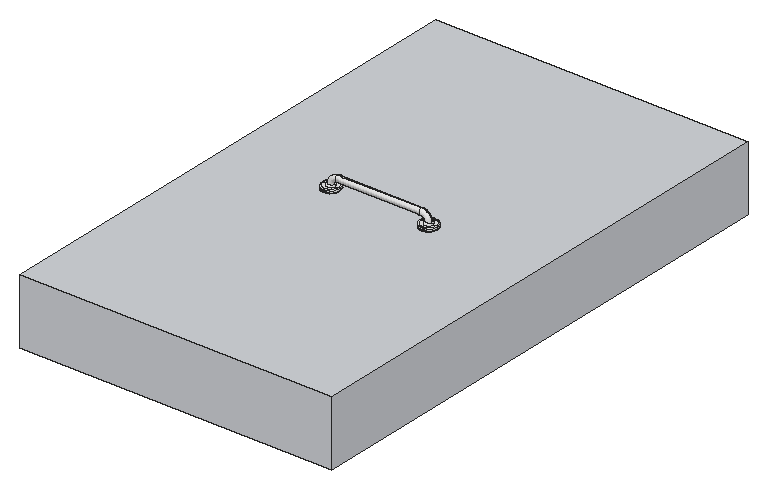
Revit family
Parameters (values of type "B-580616 x 18")
  Warranty Information = "1 Year Limited Warranty"
  URL = "http://www.bobrick.com/"
  Type Comments = ""
  Specification = "Vinyl-Coated Grab Bar shall be corrosion resistant, zinc coated steel pipe with vinyl antibacterial, biocompatible, and warm-to-the touch coating. Grab Bar shall have 1/8\" (3mm) wall thickness, 1/8\" (3mm) extruded plastic finish coating thickness, and 1-5/16\" (33mm) outside diameter. Clearance between the grab bar and wall shall be 1-1/2\" (38mm). Concealed Mounting Flanges shall be fiberglass reinforced nylon plate and equipped with four screw holes for attachment to wall. Flange covers shall be fiberglass reinforced nylon with glossy finish, 3-1/4\" (83mm) diameter, and shall snap over Mounting Flanges to conceal mounting screws. Ends of grab bar shall pass through Concealed Mounting Flanges. Grab Bar shall comply with accessible design (including ADAAG in the U.S.A.) for structural strength. Vinyl-Coated Grab Bar with Snap Flange shall be Model B-580616 of Bobrick Washroom Equipment, Inc., Clifton Park, New York; Jackson, Tennessee; and Los Angeles, California; Bobrick Washroom Equipment Company, Scarborough, Ontario; Bobrick Washroom Equipment Pty. Ltd., Australia; and Bobrick Washroom Equipment Limited, United Kingdom."
  Price = "Prices may vary. Please consult Manufacturer Representative for most up-to-date price list."  # constant formula
  Phone Number = "416-250-5656"  # constant formula
  Omniclass Table 23 Title = "Bath Grab Bars"  # constant formula
  Omniclass Table 23 Code = "23.40.20.21.47"  # constant formula
  Model = "B-580616 x 18"
  Material = Zinc Plated-Bobrick-Steel-White Vinyl-glossy
  Manufacturer = "Bobrick"
  Length = 18"
  Installation Type = "Wall Mounted"
  Description = "1-5/16\" (33mm) diameter Vinyl-Coated Grab Bar with Snap Flange."
  Default Elevation = 0"
  Creation Date = "06/05/2015"  # constant formula
  Created By = "Allied Technical Services"  # constant formula
  Assembly Code = "E1090900"
  ATS URL = "http://www.atsspec.net"
Types (5): name | Specification | Model | Length
  (no name) | "Vinyl-Coated Grab Bar shall be corrosion resistant, zinc coated steel pipe with vinyl antibacterial, biocompatible, and warm-to-the touch coating. Grab Bar shall have 1/8\" (3mm) wall thickness, 1/8\" (3mm) extruded plastic finish coating thickness, and 1-5/16\" (33mm) outside diameter. Clearance between the grab bar and wall shall be 1-1/2\" (38mm). Concealed Mounting Flanges shall be fiberglass reinforced nylon plate and equipped with four screw holes for attachment to wall. Flange covers shall be fiberglass reinforced nylon with glossy finish, 3-1/4\" (83mm) diameter, and shall snap over Mounting Flanges to conceal mounting screws. Ends of grab bar shall pass through Concealed Mounting Flanges. Grab Bar shall comply with accessible design (including ADAAG in the U.S.A.) for structural strength. Vinyl-Coated Grab Bar with Snap Flange shall be Model B-580616 of Bobrick Washroom Equipment, Inc., Clifton Park, New York; Jackson, Tennessee; and Los Angeles, California; Bobrick Washroom Equipment Company, Scarborough, Ontario; Bobrick Washroom Equipment Pty. Ltd., Australia; and Bobrick Washroom Equipment Limited, United Kingdom." | "B-580616 x 18" | 18"
  B-580616 x 18 | "Vinyl-Coated Grab Bar shall be corrosion resistant, zinc coated steel pipe with vinyl antibacterial, biocompatible, and warm-to-the touch coating. Grab Bar shall have 1/8\" (3mm) wall thickness, 1/8\" (3mm) extruded plastic finish coating thickness, and 1-5/16\" (33mm) outside diameter. Clearance between the grab bar and wall shall be 1-1/2\" (38mm). Concealed Mounting Flanges shall be fiberglass reinforced nylon plate and equipped with four screw holes for attachment to wall. Flange covers shall be fiberglass reinforced nylon with glossy finish, 3-1/4\" (83mm) diameter, and shall snap over Mounting Flanges to conceal mounting screws. Ends of grab bar shall pass through Concealed Mounting Flanges. Grab Bar shall comply with accessible design (including ADAAG in the U.S.A.) for structural strength. Vinyl-Coated Grab Bar with Snap Flange shall be Model B-580616 of Bobrick Washroom Equipment, Inc., Clifton Park, New York; Jackson, Tennessee; and Los Angeles, California; Bobrick Washroom Equipment Company, Scarborough, Ontario; Bobrick Washroom Equipment Pty. Ltd., Australia; and Bobrick Washroom Equipment Limited, United Kingdom." | "B-580616 x 18" | 18"
  B-580616 x 24 | "Vinyl-Coated Grab Bar shall be corrosion resistant, zinc coated steel pipe with vinyl antibacterial, biocompatible, and warm-to-the touch coating. Grab Bar shall have 1/8\" (3mm) wall thickness, 1/8\" (3mm) extruded plastic finish coating thickness, and 1-5/16\" (33mm) outside diameter. Clearance between the grab bar and wall shall be 1-1/2\" (38mm). Concealed Mounting Flanges shall be fiberglass reinforced nylon plate and equipped with four screw holes for attachment to wall. Flange covers shall be fiberglass reinforced nylon with glossy finish, 3-1/4\" (83mm) diameter, and shall snap over Mounting Flanges to conceal mounting screws. Ends of grab bar shall pass through Concealed Mounting Flanges. Grab Bar shall comply with accessible design (including ADAAG in the U.S.A.) for structural strength. Vinyl-Coated Grab Bar with Snap Flange shall be Model B-580616 of Bobrick Washroom Equipment, Inc., Clifton Park, New York; Jackson, Tennessee; and Los Angeles, California; Bobrick Washroom Equipment Company, Scarborough" | "B-580616 x 24" | 24"
  B-580616 x 36 | "Vinyl-Coated Grab Bar shall be corrosion resistant, zinc coated steel pipe with vinyl antibacterial, biocompatible, and warm-to-the touch coating. Grab Bar shall have 1/8\" (3mm) wall thickness, 1/8\" (3mm) extruded plastic finish coating thickness, and 1-5/16\" (33mm) outside diameter. Clearance between the grab bar and wall shall be 1-1/2\" (38mm). Concealed Mounting Flanges shall be fiberglass reinforced nylon plate and equipped with four screw holes for attachment to wall. Flange covers shall be fiberglass reinforced nylon with glossy finish, 3-1/4\" (83mm) diameter, and shall snap over Mounting Flanges to conceal mounting screws. Ends of grab bar shall pass through Concealed Mounting Flanges. Grab Bar shall comply with accessible design (including ADAAG in the U.S.A.) for structural strength. Vinyl-Coated Grab Bar with Snap Flange shall be Model B-580616 of Bobrick Washroom Equipment, Inc., Clifton Park, New York; Jackson, Tennessee; and Los Angeles, California; Bobrick Washroom Equipment Company, Scarborough" | "B-580616 x 36" | 36"
  B-580616 x 42 | "Vinyl-Coated Grab Bar shall be corrosion resistant, zinc coated steel pipe with vinyl antibacterial, biocompatible, and warm-to-the touch coating. Grab Bar shall have 1/8\" (3mm) wall thickness, 1/8\" (3mm) extruded plastic finish coating thickness, and 1-5/16\" (33mm) outside diameter. Clearance between the grab bar and wall shall be 1-1/2\" (38mm). Concealed Mounting Flanges shall be fiberglass reinforced nylon plate and equipped with four screw holes for attachment to wall. Flange covers shall be fiberglass reinforced nylon with glossy finish, 3-1/4\" (83mm) diameter, and shall snap over Mounting Flanges to conceal mounting screws. Ends of grab bar shall pass through Concealed Mounting Flanges. Grab Bar shall comply with accessible design (including ADAAG in the U.S.A.) for structural strength. Vinyl-Coated Grab Bar with Snap Flange shall be Model B-580616 of Bobrick Washroom Equipment, Inc., Clifton Park, New York; Jackson, Tennessee; and Los Angeles, California; Bobrick Washroom Equipment Company, Scarboroughom Equipment Limited, United Kingdom." | "B-580616 x 42" | 42"
Reference planes (in)
  plane 1 "Center (Front/Back)": y = 0
  plane 2: z = 0.00028
  plane 3 "Center (Left/Right)": x = 0
  plane 4: x = -9
  plane 5: x = 9
  plane 6: x = -7.375
  plane 7: x = 7.375
  plane 8: z = 2
Forms (in)
  Extrusion 1, solid
    sketch origin (0, 0, 0) x (1, 0, 0) y (0, 1, 0)
      loop
        line (-28, 48) -> (-28, -48) -> (29.46328, -48) -> (29.46328, 48) -> (-28, 48)
    from 0.00028 to -12
  Sweep 2, solid, material "Zinc Plated-Bobrick-Steel-White Vinyl-glossy" <- "Material"
    path origin (19.73583, 0, 3.35329) x (0, 0, 1) y (1, 0, 0)
      loop
        line (-2.85329, -10.73583) -> (-2.60329, -10.73583)
        arc (-2.60329, -10.73583) -> (-1.71941, -11.10195) -> (-1.35329, -11.98583) r 1.25
        line (-1.35329, -11.98583) -> (-1.35329, -27.48583)
        arc (-1.35329, -27.48583) -> (-1.71941, -28.36972) -> (-2.60329, -28.73583) r 1.25
        line (-2.60329, -28.73583) -> (-2.85329, -28.73583)
    profile origin (0, 0, 2) x (0, 0, 1) y (0, 1, 0)
      loop
        circle (0, 0) r 0.5
  Revolve 3, solid, material "Zinc Plated-Bobrick-Steel-White Vinyl-glossy" <- "Material"
    sketch origin (-9, 0, 0) x (1, 0, 0) y (0, 0, 1)
      loop
        line (1.46875, 0) -> (1.625, 0) -> (1.625, 0.03125)
        arc (1.625, 0.03125) -> (1.62064, 0.04717) -> (1.60878, 0.05865) r 0.03125
        arc (1.60878, 0.05865) -> (1.59779, 0.06929) -> (1.59375, 0.08404) r 0.02896
        line (1.59375, 0.08404) -> (1.59375, 0.375)
        arc (1.59375, 0.375) -> (1.55714, 0.46339) -> (1.46875, 0.5) r 0.125
        line (1.46875, 0.5) -> (0.75, 0.5)
        arc (0.75, 0.5) -> (0.67678, 0.67678) -> (0.5, 0.75) r 0.25
        line (0.5, 0.75) -> (0.5, 0.375) -> (1.46875, 0.375) -> (1.46875, 0)
      axis (0, 0.75) -> (0, 0)
    angle from 0 to 360
  Revolve 4, solid, material "Zinc Plated-Bobrick-Steel-White Vinyl-glossy" <- "Material"
    sketch origin (9, 0, 0) x (-1, 0, 0) y (0, 0, 1)
      loop
        line (1.46875, 0) -> (1.625, 0) -> (1.625, 0.03125)
        arc (1.625, 0.03125) -> (1.62064, 0.04717) -> (1.60878, 0.05865) r 0.03125
        arc (1.60878, 0.05865) -> (1.59779, 0.06929) -> (1.59375, 0.08404) r 0.02896
        line (1.59375, 0.08404) -> (1.59375, 0.375)
        arc (1.59375, 0.375) -> (1.55714, 0.46339) -> (1.46875, 0.5) r 0.125
        line (1.46875, 0.5) -> (0.75, 0.5)
        arc (0.75, 0.5) -> (0.67678, 0.67678) -> (0.5, 0.75) r 0.25
        line (0.5, 0.75) -> (0.5, 0.375) -> (1.46875, 0.375) -> (1.46875, 0)
      axis (0, 0.75) -> (0, 0)
    angle from 0 to 360
Cuts and joins
  joined: Sweep 2, Revolve 3, Revolve 4
Lines and regions (in)
  Masking region 1
    outline origin (0, 0, 0) x (1, 0, 0) y (0, 1, 0)
      loop
        line (7.4776, 0.5) -> (-7.45346, 0.5)
        arc (-7.45346, 0.5) -> (-10.60086, 0) -> (-7.45346, -0.5) r 1.61341
        line (-7.45346, -0.5) -> (7.4776, -0.5)
        arc (7.4776, -0.5) -> (10.625, 0) -> (7.4776, 0.5) r 1.61341
  Masking region 2
    outline origin (0, 0, 0) x (0, 1, 0) y (0, 0, 1)
      loop
        line (1.625, 0) -> (1.625, 0.03125)
        arc (1.625, 0.03125) -> (1.62062, 0.04721) -> (1.60871, 0.05869) r 0.03125
        arc (1.60871, 0.05869) -> (1.59777, 0.06923) -> (1.59375, 0.08387) r 0.02868
        line (1.59375, 0.08387) -> (1.59375, 0.375)
        arc (1.59375, 0.375) -> (1.55714, 0.46339) -> (1.46875, 0.5) r 0.125
        line (1.46875, 0.5) -> (0.75, 0.5)
        arc (0.75, 0.5) -> (0.67678, 0.67678) -> (0.5, 0.75) r 0.25
        line (0.5, 0.75) -> (0.5, 2)
        arc (0.5, 2) -> (0, 2.5) -> (-0.5, 2) r 0.5
        line (-0.5, 2) -> (-0.5, 0.75)
        arc (-0.5, 0.75) -> (-0.67678, 0.67678) -> (-0.75, 0.5) r 0.25
        line (-0.75, 0.5) -> (-1.46875, 0.5)
        arc (-1.46875, 0.5) -> (-1.55714, 0.46339) -> (-1.59375, 0.375) r 0.125
        line (-1.59375, 0.375) -> (-1.59375, 0.08387)
        arc (-1.59375, 0.08387) -> (-1.59777, 0.06923) -> (-1.60871, 0.05869) r 0.02868
        arc (-1.60871, 0.05869) -> (-1.62062, 0.04721) -> (-1.625, 0.03125) r 0.03125
        line (-1.625, 0.03125) -> (-1.625, 0) -> (1.625, 0)
  Masking region 3
    outline origin (0, 0, 0) x (1, 0, 0) y (0, 0, 1)
      loop
        line (10.625, 0) -> (10.625, 0.03125)
        arc (10.625, 0.03125) -> (10.62062, 0.04721) -> (10.60871, 0.05869) r 0.03125
        arc (10.60871, 0.05869) -> (10.59777, 0.06923) -> (10.59375, 0.08387) r 0.02868
        line (10.59375, 0.08387) -> (10.59375, 0.375)
        arc (10.59375, 0.375) -> (10.55714, 0.46339) -> (10.46875, 0.5) r 0.125
        line (10.46875, 0.5) -> (9.75, 0.5)
        arc (9.75, 0.5) -> (9.67678, 0.67678) -> (9.5, 0.75) r 0.25
        arc (9.5, 0.75) -> (9.00411, 1.98604) -> (7.77559, 2.50028) r 1.7246
        line (7.77559, 2.50028) -> (-7.77559, 2.50028)
        arc (-7.77559, 2.50028) -> (-9.00411, 1.98604) -> (-9.5, 0.75) r 1.7246
        arc (-9.5, 0.75) -> (-9.67678, 0.67678) -> (-9.75, 0.5) r 0.25
        line (-9.75, 0.5) -> (-10.46875, 0.5)
        arc (-10.46875, 0.5) -> (-10.55714, 0.46339) -> (-10.59375, 0.375) r 0.125
        line (-10.59375, 0.375) -> (-10.59375, 0.08387)
        arc (-10.59375, 0.08387) -> (-10.59777, 0.06923) -> (-10.60871, 0.05869) r 0.02868
        arc (-10.60871, 0.05869) -> (-10.62062, 0.04721) -> (-10.625, 0.03125) r 0.03125
        line (-10.625, 0.03125) -> (-10.625, 0) -> (-7.375, 0) -> (-7.375, 0.03125)
        arc (-7.375, 0.03125) -> (-7.37938, 0.04721) -> (-7.39129, 0.05869) r 0.03125
        arc (-7.39129, 0.05869) -> (-7.40223, 0.06923) -> (-7.40625, 0.08387) r 0.02868
        line (-7.40625, 0.08387) -> (-7.40625, 0.375)
        arc (-7.40625, 0.375) -> (-7.44286, 0.46339) -> (-7.53125, 0.5) r 0.125
        line (-7.53125, 0.5) -> (-8.25, 0.5)
        arc (-8.25, 0.5) -> (-8.32322, 0.67678) -> (-8.5, 0.75) r 0.25
        arc (-8.5, 0.75) -> (-8.28185, 1.28037) -> (-7.7522, 1.50028) r 0.7478
        line (-7.7522, 1.50028) -> (7.7522, 1.50028)
        arc (7.7522, 1.50028) -> (8.28185, 1.28037) -> (8.5, 0.75) r 0.7478
        arc (8.5, 0.75) -> (8.32322, 0.67678) -> (8.25, 0.5) r 0.25
        line (8.25, 0.5) -> (7.53125, 0.5)
        arc (7.53125, 0.5) -> (7.44286, 0.46339) -> (7.40625, 0.375) r 0.125
        line (7.40625, 0.375) -> (7.40625, 0.08387)
        arc (7.40625, 0.08387) -> (7.40223, 0.06923) -> (7.39129, 0.05869) r 0.02868
        arc (7.39129, 0.05869) -> (7.37938, 0.04721) -> (7.375, 0.03125) r 0.03125
        line (7.375, 0.03125) -> (7.375, 0) -> (10.625, 0)
  symbolic lines, detail levels medium+fine
    curve 1: line (7.4776, -0.5, 0) -> (9, -0.5, 0)
    curve 2: line (7.4776, 0.5, 0) -> (9, 0.5, 0)
    curve 3: line (-7.45346, -0.5, 0) -> (-8.98744, -0.5, 0)
    curve 4: arc (-8.98744, 0.5, 0) -> (-9.48744, 0, 0) -> (-8.98744, -0.5, 0) r 0.5
    curve 5: line (-7.45346, 0.5, 0) -> (-8.98744, 0.5, 0)
    curve 6: arc (9, 0.5, 0) -> (9.5, 0, 0) -> (9, -0.5, 0) r 0.5
    curve 7: line (9.75, 0, 0.5) -> (8.25, 0, 0.5)
    curve 8: line (8.5, 0, 0.75) -> (9.5, 0, 0.75)
    curve 9: line (-8.25, 0, 0.5) -> (-9.75, 0, 0.5)
    curve 10: line (-9.5, 0, 0.75) -> (-8.5, 0, 0.75)
    curve 11: line (0, 0.75, 0.5) -> (0, -0.75, 0.5)
    curve 12: line (0, -0.5, 0.75) -> (0, 0.5, 0.75)
Dimensions and locks (in)
  "Length": plane 4 to plane 5
  equal spacing: plane 5, plane 3 "Center (Left/Right)", plane 4
  locked: plane 6 to Revolve 3 sketch curve at 1.125
  locked: plane 6 to plane 4 at 1.625
  locked: plane 7 to Revolve 4 sketch curve at 1.125
  locked: plane 7 to plane 5 at 1.625
  aligned and locked: plane 2 to Extrusion 1
  aligned: level to Extrusion 1
Automatic sketch dimensions
  Extrusion 1 sketch curve to Extrusion 1 sketch curve = 57.46328"
  Extrusion 1 sketch curve to Extrusion 1 sketch curve = 96"
  profile plane to Sweep 2 sketch curve = 0"
  Sweep 2 sketch curve to profile plane = 0"
  plane 1 "Center (Front/Back)" to Masking region 1 sketch curve = 0"  (x2)
  Masking region 1 sketch curve to plane 4 = 0.01256"
  Masking region 1 sketch curve to plane 5 = 1.5224"
  plane 5 to Masking region 1 sketch curve = 0.01159"
  plane 4 to Revolve 3 sketch curve = 0"
  Revolve 3 sketch curve to level = 0"  (x2)
  Revolve 3 sketch curve to plane 6 = 0"
  Revolve 3 sketch curve to Revolve 3 sketch curve = 1/4"
  Revolve 3 sketch curve to plane 6 = 5/32"
  Revolve 3 sketch curve to Revolve 3 sketch curve = 0"  (x2)
  Revolve 3 sketch curve to plane 6 = 1/32"
  Revolve 3 sketch curve to Revolve 3 sketch curve = 1/32"
  Revolve 3 sketch curve to plane 6 = 0.01622"
  Revolve 3 sketch curve to Revolve 3 sketch curve = 0.19797"
  plane 2 to Revolve 3 sketch curve = 0.03097"
  Revolve 3 sketch curve to Revolve 3 sketch curve = 0.29096"
  Revolve 3 sketch curve to Revolve 3 sketch curve = 1/8"
  Revolve 4 sketch curve to plane 5 = 0"
  Revolve 4 sketch curve to level = 0"  (x2)
  plane 7 to Revolve 4 sketch curve = 0"
  Revolve 4 sketch curve to Revolve 4 sketch curve = 1/4"
  plane 7 to Revolve 4 sketch curve = 5/32"
  Revolve 4 sketch curve to Revolve 4 sketch curve = 0"  (x2)
  plane 7 to Revolve 4 sketch curve = 1/32"
  Revolve 4 sketch curve to Revolve 4 sketch curve = 1/32"
  plane 7 to Revolve 4 sketch curve = 0.01622"
  Revolve 4 sketch curve to Revolve 4 sketch curve = 0.19797"
  Revolve 4 sketch curve to plane 2 = 0.03097"
  Revolve 4 sketch curve to Revolve 4 sketch curve = 0.29096"
  Revolve 4 sketch curve to Revolve 4 sketch curve = 1/8"
  Masking region 1 sketch curve to plane 4 = 1.54654"
  Masking region 1 sketch curve to plane 1 "Center (Front/Back)" = 1/2"
  Masking region 1 sketch curve to Masking region 1 sketch curve = 0"
  plane 1 "Center (Front/Back)" to curve 4 = 0"
  curve 1 to plane 5 = 0"
  plane 1 "Center (Front/Back)" to curve 6 = 0"
  curve 2 to plane 1 "Center (Front/Back)" = 1/2"
  curve 2 to curve 6 = 1.5224"
  curve 1 to curve 2 = 0"
  curve 5 to plane 1 "Center (Front/Back)" = 1/2"
  curve 5 to plane 4 = 1.54654"
  curve 3 to curve 5 = 0"
  curve 4 to plane 4 = 0.01256"
  plane 4 to Sweep 2 sketch curve = 0"
  Sweep 2 sketch curve to plane 5 = 0"
  Sweep 2 sketch curve to plane 8 = 0"
  plane 2 to Sweep 2 sketch curve = 0.74972"  (x2)
  plane 2 to Sweep 2 sketch curve = 0.49972"
  Sweep 2 sketch curve to Sweep 2 sketch curve = 1/4"
  Masking region 3 sketch curve to level = 0"  (x2)
  Masking region 3 sketch curve to Masking region 3 sketch curve = 0.00257"  (x2)
  Masking region 3 sketch curve to Masking region 3 sketch curve = 0.01373"  (x2)
  Masking region 3 sketch curve to Masking region 3 sketch curve = 0"  (x6)
  Masking region 3 sketch curve to Masking region 3 sketch curve = 0.01496"  (x4)
  Masking region 3 sketch curve to Masking region 3 sketch curve = 1/8"  (x4)
  Masking region 3 sketch curve to Masking region 3 sketch curve = 23/32"  (x2)
  Masking region 3 sketch curve to Masking region 3 sketch curve = 1/4"  (x4)
  Masking region 3 sketch curve to plane 4 = 1/2"
  Masking region 3 sketch curve to plane 4 = 1.22441"
  Masking region 3 sketch curve to Masking region 3 sketch curve = 0.02339"  (x2)
  Masking region 3 sketch curve to Masking region 3 sketch curve = 0.22095"  (x2)
  plane 2 to Masking region 3 sketch curve = 0.0836"
  Masking region 3 sketch curve to Masking region 3 sketch curve = 0.02868"  (x2)
  plane 2 to Masking region 3 sketch curve = 0.03097"  (x3)
  Masking region 3 sketch curve to plane 5 = 1 5/8"
  Masking region 3 sketch curve to Masking region 3 sketch curve = 0.47441"
  plane 5 to Masking region 3 sketch curve = 1/2"
  plane 2 to Masking region 3 sketch curve = 0.37472"
  Masking region 3 sketch curve to Masking region 3 sketch curve = 0.29113"  (x3)
  Masking region 3 sketch curve to Masking region 3 sketch curve = 0.25248"
  Masking region 3 sketch curve to Masking region 3 sketch curve = 0.0232"  (x2)
  plane 4 to curve 9 = 3/4"
  curve 9 to curve 10 = 1/4"  (x2)
  curve 10 to plane 4 = 1/2"
  curve 10 to curve 9 = 1/4"
  curve 7 to plane 5 = 3/4"
  curve 7 to curve 8 = 1/4"  (x2)
  plane 5 to curve 8 = 1/2"
  curve 8 to curve 7 = 1/4"
  plane 2 to curve 7 = 0.49972"
  plane 2 to curve 9 = 0.49972"
  Masking region 2 sketch curve to level = 0"
  Masking region 2 sketch curve to plane 1 "Center (Front/Back)" = 0"
  Masking region 2 sketch curve to Masking region 2 sketch curve = 1/4"  (x2)
  Masking region 2 sketch curve to Masking region 2 sketch curve = 23/32"  (x2)
  plane 2 to Masking region 2 sketch curve = 0.0836"
  Masking region 2 sketch curve to Masking region 2 sketch curve = 1/8"  (x2)
  Masking region 2 sketch curve to Masking region 2 sketch curve = 0"  (x4)
  Masking region 2 sketch curve to Masking region 2 sketch curve = 0.01496"  (x2)
  Masking region 2 sketch curve to Masking region 2 sketch curve = 0.02868"
  Masking region 2 sketch curve to plane 1 "Center (Front/Back)" = 1/2"
  plane 2 to Masking region 2 sketch curve = 0.37472"
  Masking region 2 sketch curve to Masking region 2 sketch curve = 0.01373"
  plane 2 to Masking region 2 sketch curve = 0.03097"
  Masking region 2 sketch curve to Masking region 2 sketch curve = 0.29113"
  Masking region 2 sketch curve to Masking region 2 sketch curve = 1 1/4"
  plane 1 "Center (Front/Back)" to curve 11 = 3/4"
  curve 11 to curve 12 = 1/4"  (x2)
  curve 12 to plane 1 "Center (Front/Back)" = 1/2"
  curve 12 to curve 11 = 1/4"
  plane 2 to curve 11 = 0.49972"
  radius of Sweep 2 sketch curve = 1/2"
